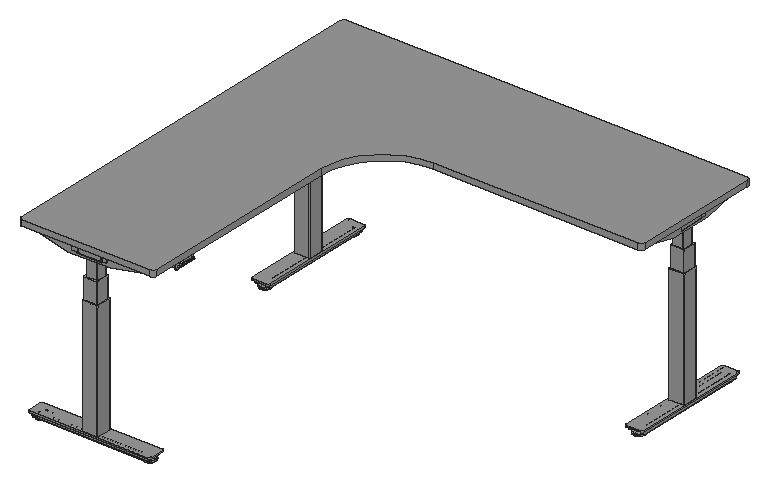
Revit family "3-Leg upCentric_72x72_Left", category Furniture, Revit 2014 (continued)
Definition of nested family "3-Leg upCentric_72x72_Left"
  Automatic sketch dimensions
    Extrusion 153 to Extrusion 160 sketch curve = 0.05571"
    Extrusion 160 sketch curve to Extrusion 153 = 0.12798"
    Extrusion 153 to Extrusion 160 sketch curve = 1.7769"
    Extrusion 160 sketch curve to Extrusion 160 sketch curve = 0.44947"
    plane 16 to Extrusion 161 sketch curve = 0.52705"
    plane 9 to Extrusion 161 sketch curve = 22.44837"
    Extrusion 161 sketch curve to Extrusion 161 sketch curve = 1.24202"
    plane 27 to Extrusion 48 sketch curve = 2.66564"
    Extrusion 48 sketch curve to plane 30 = 9 3/4"
    plane 3 "Center (Left/Right)" to Extrusion 48 sketch curve = 10 3/4"
    Extrusion 48 sketch curve to plane 8 = 125/256"
    Extrusion 48 sketch curve to plane 6 = 3.955"
    plane 24 to Extrusion 48 sketch curve = 11 195/256"
    radius of Extrusion 2 sketch curve = 0.31475"
    radius of Extrusion 5 sketch curve = 0.31475"
    radius of Extrusion 8 sketch curve = 0.14857"
    radius of Extrusion 9 sketch curve = 0.14857"
    radius of Extrusion 10 sketch curve = 0.14857"
    radius of Extrusion 11 sketch curve = 0.14857"
    radius of Extrusion 12 sketch curve = 0.14857"
    radius of Extrusion 13 sketch curve = 0.14857"
    radius of Extrusion 14 sketch curve = 0.1198"
    radius of Extrusion 16 sketch curve = 0.1198"
    radius of Extrusion 18 sketch curve = 0.1198"
    radius of Extrusion 20 sketch curve = 0.1198"
    radius of Extrusion 24 sketch curve = 0.1198"
    radius of Extrusion 24 sketch curve = 0.07775"
    radius of Extrusion 26 sketch curve = 0.1198"
    radius of Extrusion 26 sketch curve = 0.07775"
    radius of Extrusion 28 sketch curve = 0.1198"
    radius of Extrusion 30 sketch curve = 0.1198"
    radius of Extrusion 32 sketch curve = 0.1198"
    radius of Extrusion 32 sketch curve = 0.07775"
    radius of Extrusion 34 sketch curve = 0.1198"
    radius of Extrusion 34 sketch curve = 0.07775"
    radius of Extrusion 36 sketch curve = 0.1198"
    radius of Extrusion 38 sketch curve = 0.1198"
    radius of Extrusion 40 sketch curve = 0.1198"
    radius of Extrusion 44 sketch curve = 0.1198"
    radius of Extrusion 75 sketch curve = 0.1198"
    radius of Extrusion 75 sketch curve = 0.07775"
    radius of Extrusion 77 sketch curve = 0.1198"
    radius of Extrusion 112 sketch curve = 0.13929"
    radius of Extrusion 113 sketch curve = 0.13929"
    radius of Extrusion 115 sketch curve = 0.13929"
    radius of Extrusion 116 sketch curve = 0.13929"
    radius of Extrusion 124 sketch curve = 0.1198"
    radius of Extrusion 124 sketch curve = 0.07775"
    radius of Extrusion 126 sketch curve = 0.1198"
    radius of Extrusion 154 sketch curve = 0.13929"
    radius of Extrusion 155 sketch curve = 0.13929"
    radius of Extrusion 157 sketch curve = 0.13929"
    radius of Extrusion 158 sketch curve = 0.13929"
